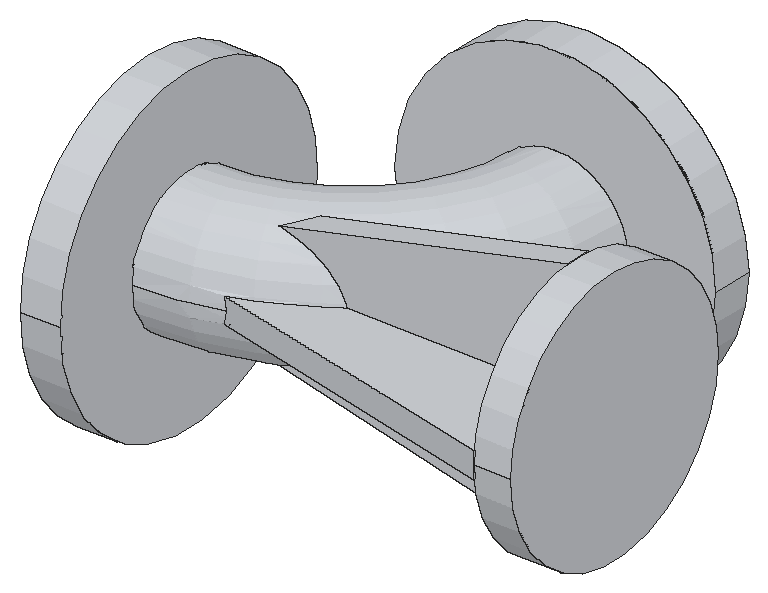
Revit family "5a90c79ddba0467f91676a544a1c4623", category Pipe Fittings, Revit 2021
Family settings
  Round Connector Dimension = Use Radius
  Part Type = Elbow
  OmniClass Number = 23.60.30.11.14
  OmniClass Title = Pipework Fittings
  Seek Item ID = Elbow Round Base - Flanged - GI - Class 250-0000-USA-ENU
  Work Plane-Based = No
  Always vertical = Yes
  Cut with Voids When Loaded = No
  Shared = No
Parameters (values of type "Standard")
  Wall Thickness [instance] = size_lookup(Lookup Table Name, "WThk", 0.06 * Nominal Diameter + 97/256", Nominal Diameter)  # 0.43701"
  Loss Method = K Coefficient
  Lookup Table Name = "Elbow Round Base - Flanged - GI - Class 250"
  Length 7 [instance] = Center to Base + Center to Face - Length 4 - Flange Thickness  # 6.62382"
  Length 6 [instance] = Center to Face * sin(Angle)  # 5"
  Length 5 [instance] = Center to Face + Center to Face * cos(Angle)  # 5"
  Tick Size [instance] = Flange Diameter * 0.4  # 2.59843"
  Round Base Radius [instance] = Round Base Diameter * 0.5  # 2.61811"
  Round Base Diameter [instance] = size_lookup(Lookup Table Name, "RBD", 0.57 * Nominal Diameter + 4 109/256", Nominal Diameter)  # 5.23622"
  Ribs Thickness [instance] = size_lookup(Lookup Table Name, "RThk", 0.04 * Nominal Diameter + 65/128", Nominal Diameter)  # 0.51181"
  Raised Face Thickness [instance] = 1/16"  # constant formula
  Raised Face Radius [instance] = Raised Face Diameter / 2  # 2.08661"
  Raised Face Diameter [instance] = size_lookup(Lookup Table Name, "RFD", 1.2 * Nominal Diameter + 2 1/256", Nominal Diameter)  # 4.17323"
  Length 4 [instance] = sqrt(2 * Ribs Thickness * Center Radius - Ribs Thickness * Ribs Thickness)  # 1.99035"
  Length 3 [instance] = if(Round Base Radius * 0.3 < Fitting Outside Radius * 0.8, Round Base Radius * 0.3, Fitting Outside Radius * 0.8)  # 0.78543"
  Length 2 [instance] = Flange Thickness - Raised Face Thickness  # 0.81152"
  K Coefficient Table = "Regular Flanged 90 and 180 Elbow"
  Fitting Outside Radius [instance] = Fitting Outside Diameter / 2  # 1.44094"
  Fitting Outside Diameter [instance] = Fitting Inside Diameter + Wall Thickness * 2  # 2.88189"
  Length 1 [instance] = (Fitting Outside Radius + 1/32") * tan(Angle / 2) + Flange Thickness  # 2.34621"
  Nominal Radius [instance] = 1"
  Nominal Diameter [instance] = Nominal Radius * 2  # 2"
  Fitting Inside Diameter [instance] = size_lookup(Lookup Table Name, "FID", 0.97 * Nominal Diameter + 13/128", Nominal Diameter)  # 2.00787"
  Default Elevation = 0' - 0"
  Center to Face 1 [instance] = size_lookup(Lookup Table Name, "CtF1", 0.82 * Nominal Diameter + 3 63/128", Nominal Diameter)  # 5"
  Center to Face 2 [instance] = size_lookup(Lookup Table Name, "CtF2", 0.43 * Nominal Diameter + 2 13/32", Nominal Diameter)  # 2.99213"
  Center to Face [instance] = if(and(Angle > 0.00°, (not(Angle > 45.00°))), if(Center to Face 2 > Fitting Outside Radius * tan(Angle / 2) + Flange Thickness, Center to Face 2, Length 1), if(Center to Face 1 > Fitting Outside Radius * tan(Angle / 2) + Flange Thickness, Center to Face 1, Length 1))  # 5"
  Center to Base [instance] = size_lookup(Lookup Table Name, "CtB", 0.75 * Nominal Diameter + 2 253/256", Nominal Diameter)  # 4.48819"
  Center Radius [instance] = (Center to Face - Flange Thickness) / tan(Angle / 2)  # 4.12598"
  Flange Thickness [instance] = size_lookup(Lookup Table Name, "FThk", 0.08 * Nominal Diameter + 217/256", Nominal Diameter)  # 0.87402"
  Flange Radius [instance] = Flange Diameter / 2  # 3.24803"
  Flange Diameter [instance] = size_lookup(Lookup Table Name, "FDia", 1.34 * Nominal Diameter + 4 3/16", Nominal Diameter)  # 6.49606"
  Base Thickness [instance] = size_lookup(Lookup Table Name, "BThk", 0.052 * Nominal Diameter + 89/128", Nominal Diameter)  # 0.74803"
  Assembly Code = ""
  Angle [instance] = 90.00°
Reference planes (in)
  plane 1 "Center (Front/Back)": y = 0
  plane 2: z = 0
  plane 3 "Center (Left/Right)": x = 0
  plane 4: x = -4.12598
  plane 5: x = -5
  plane 6: y = 4.12598
  plane 7: y = 2.59843
  plane 8: y = -2.59843
  plane 9: x = -4.12598
  plane 10: x = -4.9375
  plane 11: x = 3.74016
  plane 12: x = 4.48819
  plane 13: z = 0.25591
  plane 14: z = -0.25591
  plane 15: y = -0.25591
  plane 16: y = 0.25591
  plane 17: y = 0.51181
  plane 18: y = 5
  plane 19: x = 0
Forms (in)
  Sweep 1, solid, detail levels fine
    path in 3D
      loop
        arc (-4.12598, 0, 0) -> (-1.20847, 1.20847, 0) -> (0, 4.12598, 0) r 4.12598
    profile origin (-1.20847, 1.20847, 0) x (-0.707107, 0.707107, 0) y (0, 0, 1)
      loop
        circle (0, 0) r 1.44094
  Sweep 2, solid, detail levels fine
    path in 3D
      loop
        line (-4.9375, 0, 0) -> (-4.12598, 0, 0)
    profile origin (-4.53174, 0, 0) x (0, 1, 0) y (0, 0, 1)
      loop
        circle (0, 0) r 3.24803
  Sweep 3, solid, detail levels fine
    path in 3D
      loop
        line (0, 4.12598, 0) -> (0, 4.9375, 0)
    profile origin (0, 4.53174, 0) x (-1, 0, 0) y (0, 0, 1)
      loop
        circle (0, 0) r 3.24803
  Sweep 4, solid, detail levels fine
    path in 3D
      loop
        line (-5, 0, 0) -> (-4.9375, 0, 0)
    profile origin (-4.96875, 0, 0) x (0, 1, 0) y (0, 0, 1)
      loop
        circle (0, 0) r 2.08661
  Extrusion 5, solid, detail levels fine
    sketch origin (0, 0, 0) x (0, 1, 0) y (0, 0, 1)
      loop
        circle (0, 0) r 2.61811
    from 3.74016 to 4.48819
  Extrusion 6, solid, detail levels fine
    sketch origin (0, 0, 0) x (1, 0, 0) y (0, 1, 0)
      loop
        line (-4.12598, 0.78543) -> (-4.12598, -0.78543) -> (3.74016, -2.61811) -> (3.74016, 2.61811) -> (-4.12598, 0.78543)
    from -0.25591 to 0.25591
  Extrusion 7, solid, detail levels fine
    sketch origin (0, 0, 0) x (1, 0, 0) y (0, 0, 1)
      loop
        line (-4.12598, 0.78543) -> (-4.12598, -0.78543) -> (3.74016, -2.61811) -> (3.74016, 2.61811) -> (-4.12598, 0.78543)
    from -0.25591 to 0.25591
  Sweep 8, solid, detail levels fine
    path in 3D
      loop
        line (0, 5, 0) -> (0, 4.9375, 0)
    profile origin (0, 4.96875, 0) x (1, 0, 0) y (0, 0, 1)
      loop
        circle (0, 0) r 2.08661
Cuts and joins
  joined: Sweep 1, Sweep 2, Sweep 3, Sweep 4, Extrusion 5, Extrusion 6, Extrusion 7, Sweep 8
Lines and regions (in)
  model lines, detail levels coarse+medium
    curve 1: line (-4.9375, 0, 0) -> (-4.12598, 0, 0)
    curve 2: arc (-4.12598, 0, 0) -> (-1.20847, 1.20847, 0) -> (0, 4.12598, 0) r 4.12598
    curve 3: line (0, 4.12598, 0) -> (0, 4.9375, 0)
    curve 8: line (-5, 0, 0) -> (-5, 2.59843, 0)
    curve 9: line (-5, 0, 0) -> (-5, -2.59843, 0)
    curve 10: line (-5, 0, 0) -> (-4.9375, 0, 0)
    curve 12: line (-4.12598, 0, 0) -> (4.48819, 0, 0)
    curve 14: line (0, 5, 0) -> (-2.59843, 5, 0)
    curve 15: line (0, 5, 0) -> (2.59843, 5, 0)
    curve 16: line (0, 5, 0) -> (0, 4.9375, 0)
    curve 18: line (-2.13563, 0.51181, 0) -> (4.48819, 0.51181, 0)
  sketch lines
    curve 4: arc (-4.12598, 0, 0) -> (-1.20847, 1.20847, 0) -> (0, 4.12598, 0) r 4.12598
    curve 5: line (-4.9375, 0, 0) -> (-4.12598, 0, 0)
    curve 6: line (0, 4.12598, 0) -> (0, 4.9375, 0)
    curve 11: line (-5, 0, 0) -> (-4.9375, 0, 0)
    curve 17: line (0, 5, 0) -> (0, 4.9375, 0)
  reference lines
    curve 7: line (-5, 0, 0) -> (-4.12598, 0, 0)
    curve 13: line (0, 5, 0) -> (0, 4.12598, 0)
Dimensions and locks (in)
  "Center Radius": plane 6 to plane 1 "Center (Front/Back)"
  "Flange Thickness": plane 5 to plane 4
  "Tick Size": plane 7 to plane 1 "Center (Front/Back)"
  "Tick Size": plane 8 to plane 1 "Center (Front/Back)"
  "Length 2": curve 3 to curve 3
  locked: plane 5 to plane 9 at 0.87402
  "Center to Face": plane 5 to plane 3 "Center (Left/Right)"
  "Raised Face Thickness": plane 5 to plane 10
  "Center to Base": plane 3 "Center (Left/Right)" to plane 12
  "Base Thickness": plane 11 to plane 12
  equal spacing: Extrusion 6 sketch curve, plane 1 "Center (Front/Back)", Extrusion 6 sketch curve  (x2)
  "Round Base Diameter": Extrusion 6 sketch curve to Extrusion 6 sketch curve
  equal spacing: plane 13, plane 2, plane 14
  "Ribs Thickness": plane 13 to plane 14
  equal spacing: Extrusion 7 sketch curve, plane 2, Extrusion 7 sketch curve  (x2)
  "Length 3": Extrusion 7 sketch curve to plane 2
  "Round Base Diameter": Extrusion 7 sketch curve to Extrusion 7 sketch curve
  "Length 3": plane 1 "Center (Front/Back)" to Extrusion 6 sketch curve
  equal spacing: plane 15, plane 1 "Center (Front/Back)", plane 16
  "Ribs Thickness": plane 15 to plane 16
  "Ribs Thickness": plane 17 to plane 1 "Center (Front/Back)"
  "Length 6": plane 18 to plane 1 "Center (Front/Back)"
  "Length 5": plane 5 to plane 19
  locked: curve 13 to curve 13 at 0.87402
  "Tick Size": curve 14 to curve 14
  "Tick Size": curve 15 to curve 15
  "Raised Face Thickness": curve 16 to curve 16
  "Length 7": curve 18 to curve 18
  "Center Radius": radius of curve 2
  "Fitting Outside Radius": radius of Sweep 1 sketch curve
  "Flange Radius": radius of Sweep 2 sketch curve
  "Flange Radius": radius of Sweep 3 sketch curve
  "Raised Face Radius": radius of Sweep 4 sketch curve
  "Round Base Radius": radius of Extrusion 5 sketch curve
  "Raised Face Radius": radius of Sweep 8 sketch curve
  "Angle": angle curve 2 to curve 2
  "Angle": angle plane 1 "Center (Front/Back)" to curve 3
  "Angle": angle plane 1 "Center (Front/Back)" to curve 13
  "Angle": angle plane 3 "Center (Left/Right)" to curve 14
  "Angle": angle plane 3 "Center (Left/Right)" to curve 15
  "Angle": angle plane 1 "Center (Front/Back)" to curve 16
  aligned and locked: plane 4 to curve 2
  aligned and locked: plane 5 to curve 7
  aligned and locked: plane 9 to curve 7
  aligned and locked: plane 1 "Center (Front/Back)" to curve 7
  aligned and locked: plane 7 to curve 8
  aligned and locked: plane 1 "Center (Front/Back)" to curve 9
  aligned and locked: plane 8 to curve 9
  aligned and locked: plane 10 to curve 1
  aligned and locked: plane 5 to curve 10
  aligned and locked: plane 2 to Extrusion 5 sketch curve
  aligned and locked: plane 1 "Center (Front/Back)" to Extrusion 5 sketch curve
  aligned and locked: Extrusion 5 to plane 11
  aligned and locked: plane 12 to Extrusion 5
  aligned and locked: plane 11 to Extrusion 6 sketch curve
  aligned and locked: Extrusion 6 sketch curve to plane 4
  aligned and locked: Extrusion 6 to plane 14
  aligned and locked: plane 13 to Extrusion 6
  aligned and locked: Extrusion 7 sketch curve to plane 4
  aligned and locked: plane 11 to Extrusion 7 sketch curve
  aligned and locked: Extrusion 7 to plane 15
  aligned and locked: plane 16 to Extrusion 7
  aligned and locked: plane 4 to curve 12
  aligned and locked: plane 12 to curve 12
  aligned and locked: plane 1 "Center (Front/Back)" to curve 12
  aligned and locked: plane 19 to curve 13
  aligned and locked: plane 18 to curve 13
  aligned and locked: curve 18 to plane 17
Automatic sketch dimensions
  Sweep 1 sketch curve to profile plane = 0' - 0"  (x2)
  Sweep 2 sketch curve to profile plane = 0' - 0"  (x2)
  Sweep 3 sketch curve to profile plane = 0' - 0"  (x2)
  Sweep 4 sketch curve to profile plane = 0' - 0"  (x2)
  Sweep 8 sketch curve to profile plane = 0' - 0"  (x2)
Connectors (in)
  piping at (-5, 0, 0), diameter 2, driven by "Nominal Radius", driven by "Angle"
    settings: on cut or joined group of Sweep 1, Sweep 2, Sweep 3, Sweep 4, Extrusion 5, Extrusion 6, Extrusion 7, Sweep 8, index 1, connector inside diameter 2", connector length 0' - 0", flow factor 0, pipe flow 0 GPM, pressure drop 0.00 psi, fitting loss kfactor 0, connector angle 90.00°, fixture units 0, engagement length 0' - 0", angle of deflection 0.00°, flow configuration 0, flow direction 0, fitting loss method 0, system type 28, joint type 0, gender type 0, connector reference index 2, connector utility 0, adjustable connector no, is connector primary yes, connector description ""
  piping at (0, 5, 0), diameter 2, driven by "Nominal Radius", driven by "Angle"
    settings: on cut or joined group of Sweep 1, Sweep 2, Sweep 3, Sweep 4, Extrusion 5, Extrusion 6, Extrusion 7, Sweep 8, index 2, connector inside diameter 2", connector length 0' - 0", flow factor 0, pipe flow 0 GPM, pressure drop 0.00 psi, fitting loss kfactor 0, connector angle 90.00°, fixture units 0, engagement length 0' - 0", angle of deflection 0.00°, flow configuration 0, flow direction 0, fitting loss method 0, system type 28, joint type 0, gender type 0, connector reference index 1, connector utility 0, adjustable connector no, is connector primary no, connector description ""
